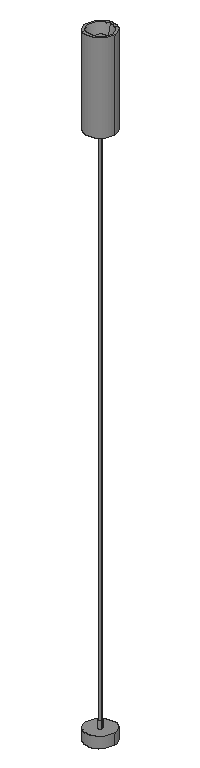
Revit family "2061006 Sylvania Lighting Fixture TubiXx LED pendant 2700K white-white", category Lighting Fixtures, host Face, Revit 2016
Family settings
  Host = Face
  Part Type = Normal
  Round Connector Dimension = Use Diameter
  OmniClass Number = 23.80.70.00
  OmniClass Title = Lighting
  Cut with Voids When Loaded = No
  Light Source = Yes
  Shared = No
  Room Calculation Point = No
Parameters (values of type "2061006 TUBIXX LED PENDANT 2700K WHITE-WHITE")
  Weight = "n/a"
  Wattage Comments = ""
  Wattage = 9.2903 W
  WarrantyStartDate [instance] = "n/a"
  WarrantyGuarantorParts = "n/a"
  WarrantyDurationUnit = "n/a"
  WarrantyDurationParts = ""
  WarrantyDescription = "http://www.sylvania-lighting.com"
  built-in parameter 1150110 = 1 (stored number, unit not read)
  Voltage = 0 V
  URL = "0.95"
  TypeName = "TubiXx LED pendant 2700K white-white"
  Type Image = <None>
  Type Comments = "n/a"
  Tube Length = 250 mm
  Tube Diameter = 80 mm
  built-in parameter 1114217 = 1 (stored number, unit not read)
  Tilt Angle = 90.00°
  built-in parameter 1150109 = 1 (stored number, unit not read)
  built-in parameter 1150134 = 3
  built-in parameter 1150113 = 1 (stored number, unit not read)
  SerialNumber [instance] = "n/a"
  Recess Depth = 28.015 mm
  Photometric Web File = "2061006.ies"
  Material_3_FEILO = none
  PowerFactor = 0
  PowerConsumption = "Lighting"
  NominalLength = 0 mm
  NominalHeight = 0 mm
  NominalDepth = 0 mm
  Name = "TubiXx LED pendant 2700K white-white"
  ModelReference = Name  # "TubiXx LED pendant 2700K white-white"
  ModelNumber = "2061006"
  Model = Name  # "TubiXx LED pendant 2700K white-white"
  Material = "Feilo Sylvania"
  ManufacturerName = "82 lm/W"
  Manufacturer = ""
  LuminousEfficacy = ""
  built-in parameter 1150105 = 109.82 (stored number, unit not read)
  Lumens = 1380 lm
  LuminaireType = "0"
  built-in parameter 1150115 = 1 (stored number, unit not read)
  LightOutputRatio = "LED"
  built-in parameter 1150137 = (empty or 0)
  built-in parameter 1150139 = (empty or 0)
  LampsType = Lamp  # "n/a"
  LampNominalLuminous = "2700 K"
  LampMacAdamStep = "92"
  LampColourTemperature = "LED"
  LampColourRenderingIndex = "16500"
  built-in parameter 1150112 = 1 (stored number, unit not read)
  built-in parameter 1150114 = 1 (stored number, unit not read)
  Lamp = "n/a"
  Keynote = "n/a"
  InstallationDate [instance] = "n/a"
  InputVoltage = "0"
  InputNominalFrequency = "2700"
  built-in parameter 1150132 = (empty or 0)
  built-in parameter 1150102 = (empty or 0)
  built-in parameter 1150107 = 3200 (stored number, unit not read)
  built-in parameter 1150138 = (empty or 0)
  IngressProtection = "IfcLightFixtureType"
  ImpactProtectionIndex = "IfcLightFixtureType"
  built-in parameter 1150106 = 1.0982 (stored number, unit not read)
  IfcExportType = "IfcLightFixtureType"
  IfcExportAs = "Class I"
  ExpectedLife = 50000
  Emit from Circle Diameter = 609.6 mm
  Emit Shape Visible in Rendering = no
  ElectricShockClassification = "82"
  built-in parameter 1150104 = 13.8 (stored number, unit not read)
  DurationUnit = "hours"
  DocumentationLiterature = "http://www.sylvania-lighting.com/product/en-int/products/2061006"
  DimmingControlOptions = "n/a"
  Material_2_FEILO = none
  Dimming Lamp Color Temperature Shift = <None>
  Description = "TubiXx LED Pendant is a decorative pendant fixture with integrated driver, equipped with an integrated non-dimmable LED driver, White finish with White reflector, colour temperature 2700K, 14W, 1152lm, 82lm/W, IP20, IK02, Class I. Dimensions 250mmx80mm."
  Default Elevation = 1219.2 mm
  CreatedOn = "22/11/2019"
  CreatedBy = "@sylvania-lighting.com"
  Cost = 0
  Color Filter = 16777215
  built-in parameter 1114216 [instance] = (empty or 0)
  ClassificationValue = "EF_70_80"
  ClassificationName = "Uniclass2015"
  Material_1_FEILO = none
  Ceiling Rose Depth = 30 mm
  Cable Length = 1500 mm
  BarCode [instance] = "n/a"
  built-in parameter 1114218 = 1 (stored number, unit not read)
  built-in parameter 1150133 = 10 (stored number, unit not read)
  AssetType = "Fixed"
  AssetIdentifier [instance] = "n/a"
  Assembly Code = "D5020200"
  Apparent Load = 14 VA
  Material_4_FEILO = none
Reference planes
  plane 1 "Center (Front/Back)": y = 0
  plane 2: z = 0
  plane 3 "Center (Left/Right)": x = 0
  plane 4: x = 40
  plane 5: x = -40
  plane 6: y = 40
  plane 7: y = -40
  plane 8: z = 0
  plane 9: z = 30.144
  plane 10: z = 1530.144
  plane 11: z = 1752.129
  plane 12: z = 1780.144
Forms (mm)
  Extrusion 1, solid, material "Aluminum", detail levels medium+fine
    sketch origin (4.2, 0, 0) x (1, 0, 0) y (0, 1, 0)
      loop
        circle (-4.2, 0) r 40
    from 1530.144 to 1780.144
  Blend 2, void
    base sketch origin (4.2, 0, 0) x (0, 1, 0) y (-1, 0, 0)
      loop
        circle (0, 4.2) r 25
    top sketch origin (4.2, 0, 0) x (0, 1, 0) y (-1, 0, 0)
      loop
        circle (0, 4.2) r 34
    from 1752.144 to 1780.144
  Extrusion 3, solid, material "Plastic, Opaque Black", detail levels fine
    sketch origin (3.621, -0.001, 1239.938) x (0, 1, 0) y (1, 0, 0)
      loop
        circle (0.002, -3.635) r 6
    from -290.206 to -270.206
  Extrusion 4, solid, detail levels coarse
    sketch origin (4.25, 0.033, 1530.144) x (0, 1, 0) y (1, 0, 0)
      loop
        line (39.967, 35.75) -> (-40.071, 35.75) -> (-40.071, -44.142) -> (39.967, -44.142) -> (39.967, 35.75)
    from -250 to 1530.144
  Extrusion 5, solid, material "Glass, White, High Luminance", detail levels fine
    sketch origin (4.2, 0, 1752.144) x (0, 1, 0) y (-1, 0, 0)
      loop
        circle (0.004, 4.166) r 25.024
    from 0 to 2
  Extrusion 6, solid, material "Fabric", detail levels medium+fine
    sketch origin (3.621, -0.001, 1219.938) x (-1, 0, 0) y (0, 1, 0)
      loop
        circle (3.63, 0.003) r 3.5
    from -310.206 to 1189.938
  Extrusion 7, solid, material "Plastic, Opaque Black", detail levels fine
    sketch origin (4.2, 0, 30) x (1, 0, 0) y (0, 1, 0)
      loop
        circle (-4.215, 0.002) r 6
    from 0 to 20
  Extrusion 8, solid, material "Aluminum", detail levels medium+fine
    sketch origin (4.2, 0, 0) x (1, 0, 0) y (0, 1, 0)
      loop
        circle (-4.2, 0) r 40
    from 0 to 30
Cuts and joins
  Blend 2 cuts Extrusion 1
Dimensions and locks
  "Tube Diameter": plane 5 to plane 4
  equal spacing: plane 5, plane 3 "Center (Left/Right)", plane 4, locked at 40 each
  "Tube Diameter": plane 6 to plane 7
  equal spacing: plane 6, plane 1 "Center (Front/Back)", plane 7, locked at 40 each
  "Cable Length": plane 10 to plane 9
  "Recess Depth": plane 12 to plane 11
  "Tube Length": plane 12 to plane 10
  aligned and locked: plane 2 to host face
  aligned and locked: level to host face
  aligned and locked: Extrusion 4 to cut or joined group of Extrusion 1, Blend 2
Automatic sketch dimensions
  host sketch curve to host sketch curve = 2438.4 mm  (x2)
  plane 1 "Center (Front/Back)" to Extrusion 1 sketch curve = 0 mm
  Extrusion 1 sketch curve to plane 3 "Center (Left/Right)" = 0 mm
  plane 1 "Center (Front/Back)" to Blend 2 sketch curve = 0 mm  (x2)
  Blend 2 sketch curve to plane 3 "Center (Left/Right)" = 0 mm  (x2)
  Extrusion 4 sketch curve to Extrusion 4 sketch curve = 80.038 mm
  Extrusion 4 sketch curve to Extrusion 4 sketch curve = 79.892 mm
  Extrusion 7 sketch curve to plane 1 "Center (Front/Back)" = 0.002 mm
  Extrusion 7 sketch curve to plane 3 "Center (Left/Right)" = 0.015 mm
  plane 1 "Center (Front/Back)" to Extrusion 8 sketch curve = 0 mm
  Extrusion 8 sketch curve to plane 3 "Center (Left/Right)" = 0 mm
  radius of Extrusion 1 sketch curve = 40 mm
  radius of Blend 2 sketch curve = 25 mm
  radius of Blend 2 sketch curve = 34 mm
  radius of Extrusion 3 sketch curve = 6 mm
  radius of Extrusion 5 sketch curve = 25.024 mm
  radius of Extrusion 6 sketch curve = 3.5 mm
  radius of Extrusion 7 sketch curve = 6 mm
  radius of Extrusion 8 sketch curve = 40 mm
Connectors
  electrical at (0, 0, 0)
    settings: on Extrusion 8, index 1, voltage 0 V, apparent load 0 VA, apparent load phase1 0 VA, apparent load phase2 0 VA, apparent load phase3 0 VA, power factor 1, load classification "Other", number of poles 1, system type 31, power factor state 1, is connector primary yes, connector utility no, sub classification motor no, connector description ""
